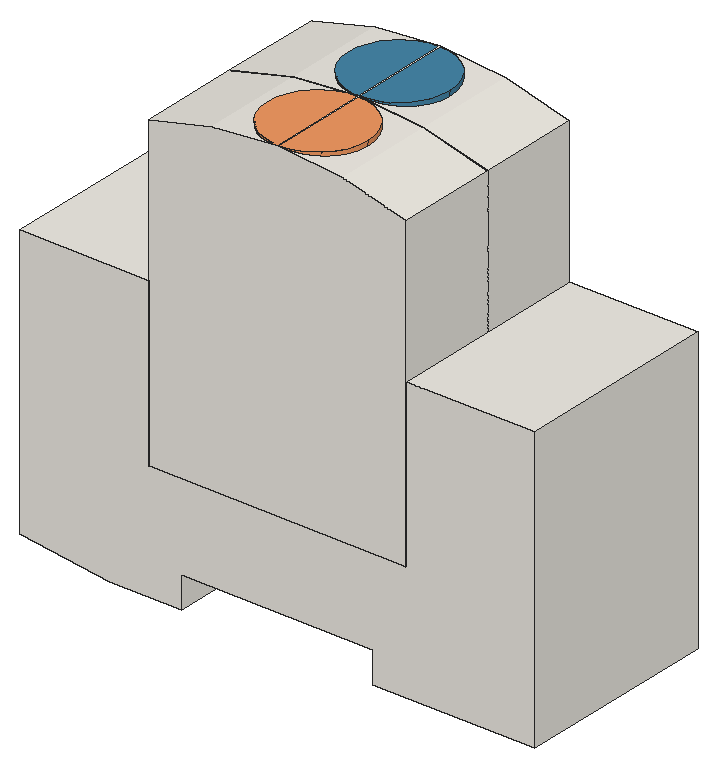
Revit family "Kombiableiter V50, 1-polig+NPE", category Generic Models, Revit 2015
Parameters (values of type "V50-1+NPE-385")
  Width = 90 mm
  URL = "http://www.obo-bettermann.com"
  Material 3 = PA 66/6 FR HF RAL 5017
  Material 2 = PA 66/6 FR HF RAL 2003
  Material = PA 66/6 FR HF RAL 9010
  Manufacturer Art.No. = "5093584"
  Manufacturer = "OBO Bettermann"
  Length = 35.6 mm
  Height = 78.5 mm
  GTIN = "4012196398591"
  Article Type = "V50-1+NPE-385"
Types (5, lengths in mm): name | Manufacturer Art.No. | GTIN | Article Type
  (no name) | "5093584" | "4012196398591" | "V50-1+NPE-385"
  V50-1+NPE-150 | "5093452" | "4012196398676" | "V50-1+NPE-150"
  V50-1+NPE-280 | "5093522" | "4012196159666" | "V50-1+NPE-280"
  V50-1+NPE-320 | "5093552" | "4012196398515" | "V50-1+NPE-320"
  V50-1+NPE-385 | "5093584" | "4012196398591" | "V50-1+NPE-385"
Reference planes
  plane 1 "Center (Front/Back)": y = 0
  plane 2: z = 0
  plane 3 "Center (Left/Right)": x = 0
  plane 4: y = 17.8
  plane 5: z = 78.5
  plane 6: z = 78.5
  plane 7: z = 77.5
  plane 8: y = 35.6
Forms (mm)
  Extrusion 1, solid, material "PA 66/6 FR HF RAL 9010" <- "Material"
    sketch origin (0, 0, 0) x (1, 0, 0) y (0, 0, 1)
      loop
        line (-29.35, 0) -> (-16.75, 0) -> (-16.75, 5.5) -> (16.75, 5.5) -> (16.75, 0) -> (45, 0) -> (45, 49.5) -> (22.5, 49.5) -> (22.5, 20.5) -> (-22.5, 20.5) -> (-22.5, 49.5) -> (-45, 49.5) -> (-45, 1.922) -> (-29.35, 0)
    from -35.6 to 0
  Extrusion 2, solid, material "PA 66/6 FR HF RAL 9010" <- "Material"
    sketch origin (0, 0, 0) x (1, 0, 0) y (0, 0, 1)
      loop
        line (-22.5, 20.5) -> (22.5, 20.5) -> (22.5, 74.639)
        arc (22.5, 74.639) -> (0, 78.5) -> (-22.5, 74.639) r 67.488
        line (-22.5, 74.639) -> (-22.5, 20.5)
    from -17.8 to 0
  Extrusion 3, solid, material "PA 66/6 FR HF RAL 2003" <- "Material 2"
    sketch origin (0, 0, 0) x (1, 0, 0) y (0, 1, 0)
      loop
        circle (0, 8.9) r 8.75
    from 77.5 to 78.5
  Extrusion 4, solid, material "PA 66/6 FR HF RAL 9010" <- "Material"
    sketch origin (0, 0, 0) x (1, 0, 0) y (0, 0, 1)
      loop
        line (-22.5, 74.639) -> (-22.5, 20.5) -> (22.5, 20.5) -> (22.5, 74.639)
        arc (22.5, 74.639) -> (0, 78.5) -> (-22.5, 74.639) r 67.488
    from -35.6 to -17.8
  Extrusion 5, solid, material "PA 66/6 FR HF RAL 5017" <- "Material 3"
    sketch origin (0, 0, 0) x (1, 0, 0) y (0, 1, 0)
      loop
        circle (0, 26.7) r 8.8
    from 77.5 to 78.5
Dimensions and locks
  locked: Extrusion 1 sketch curve to Extrusion 1 sketch curve at 33.5
  locked: plane 3 "Center (Left/Right)" to Extrusion 1 sketch curve at 16.75
  locked: Extrusion 1 sketch curve to level at 5.5
  "Width": Extrusion 1 sketch curve to Extrusion 1 sketch curve
  equal spacing: Extrusion 1 sketch curve, plane 3 "Center (Left/Right)", Extrusion 1 sketch curve, locked at 45 each
  locked: Extrusion 1 sketch curve to Extrusion 1 sketch curve at 44
  locked: Extrusion 1 sketch curve to Extrusion 1 sketch curve at 45
  equal spacing: Extrusion 1 sketch curve, plane 3 "Center (Left/Right)", Extrusion 1 sketch curve, locked at 22.5 each
  locked: Extrusion 1 sketch curve to Extrusion 1 sketch curve at 29
  locked: Extrusion 1 sketch curve to Extrusion 1 sketch curve at 15.65
  locked: Extrusion 1 sketch curve to level at 1.922
  "Height": plane 5 to level
  locked: Extrusion 2 sketch curve to Extrusion 1 at 54.139
  locked: Extrusion 2 to Extrusion 3 sketch curve at 8.9
  "Height": plane 6 to level
  locked: plane 6 to plane 7 at 1
  "Length": plane 8 to plane 1 "Center (Front/Back)"
  locked: plane 4 to plane 1 "Center (Front/Back)" at 17.8
  locked: Extrusion 4 to Extrusion 5 sketch curve at 8.9
  radius of Extrusion 2 sketch curve = 67.488 mm
  radius of Extrusion 3 sketch curve = 8.75 mm
  radius of Extrusion 5 sketch curve = 8.8 mm
  aligned and locked: level to plane 2
  aligned and locked: Extrusion 1 sketch curve to level  (x2)
  aligned and locked: Extrusion 1 sketch curve to Extrusion 1 sketch curve
  aligned and locked: plane 1 "Center (Front/Back)" to Extrusion 1
  aligned and locked: Extrusion 2 sketch curve to Extrusion 1  (x3)
  aligned and locked: Extrusion 2 sketch curve to Extrusion 2 sketch curve
  aligned and locked: plane 1 "Center (Front/Back)" to Extrusion 2
  aligned and locked: plane 6 to Extrusion 3
  aligned and locked: Extrusion 3 to plane 7
  aligned and locked: plane 8 to Extrusion 1
  aligned and locked: Extrusion 4 sketch curve to Extrusion 2  (x4)
  aligned and locked: Extrusion 1 to Extrusion 4
  aligned and locked: Extrusion 4 to plane 4
  aligned and locked: Extrusion 5 to Extrusion 3  (x2)
Automatic sketch dimensions
  Extrusion 3 sketch curve to plane 3 "Center (Left/Right)" = 0 mm
  Extrusion 5 sketch curve to plane 3 "Center (Left/Right)" = 0 mm
